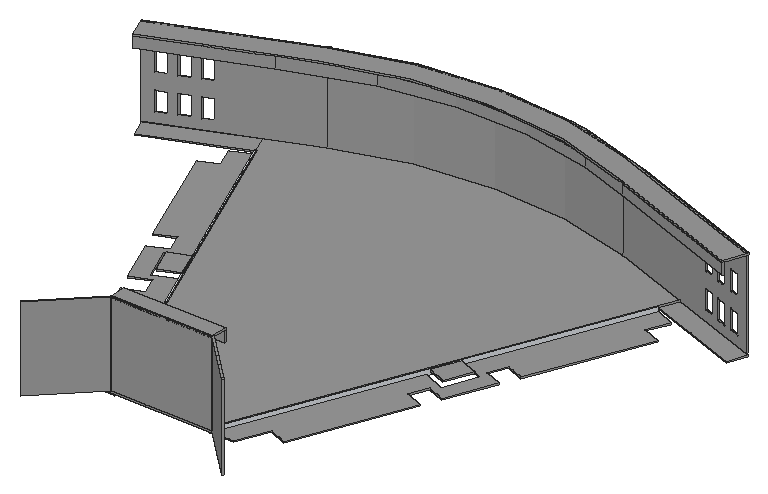
Revit family "Bogen 45 RB 45 630 FT", category Generic Models, Revit 2017
Family settings
  Can host rebar = No
  Round Connector Dimension = Use Diameter
  Part Type = Normal
  Work Plane-Based = No
  Always vertical = Yes
  Cut with Voids When Loaded = No
  Shared = No
  Room Calculation Point = No
Parameters (values of type "RB 45 630 FT")
  Width = 300 mm
  URL = "http://www.obo-bettermann.com"
  Material = Hot dip galvanised
  Manufacturer Art.No. = "7066317"
  Manufacturer = "OBO BETTERMANN"
  GTIN = "4012196991044"
  Cut's number 2 = 3
  Cut's number = 2
  Article Type = "RB 45 630 FT"
Reference planes
  plane 1 "Center (Front/Back)": y = 0
  plane 2: z = 0
  plane 3 "Center (Left/Right)": x = 0
  plane 4: x = -66
  plane 5: x = 66
  plane 6: y = 309.9
  plane 7: x = -174.5
  plane 8: x = 174.5
  plane 9: y = 262
  plane 10: y = 262
  plane 11: x = 174.5
  plane 12: x = -174.5
  plane 13: y = 274.665
  plane 14: z = 1.006
  plane 15: z = -2.494
  plane 16: z = -1.494
  plane 17: y = 9
  plane 18: x = -117.22
  plane 19: x = 117.22
  plane 20: z = -1
  plane 21: z = 64.5
  plane 22: z = 63.5
  plane 23: z = 55.67
  plane 24: z = 60
  plane 25: x = -14
  plane 26: x = 14
  plane 27: z = -0.014
  plane 28: z = 59
  plane 29: z = 51
  plane 30: z = 15
  plane 31: x = 201.329
  plane 32: z = 40
  plane 33: x = 201.329
  plane 34: z = 15
  plane 35: x = 188.85
  plane 36: z = 40
  plane 37: x = 188.85
  plane 38: z = 15
  plane 39: x = 176.37
  plane 40: z = 40
  plane 41: x = 176.37
  plane 42: z = 15
  plane 43: x = -201.329
  plane 44: z = 40
  plane 45: x = -201.329
  plane 46: z = 15
  plane 47: x = -188.85
  plane 48: z = 40
  plane 49: x = -188.85
  plane 50: z = 15
  plane 51: x = -176.37
  plane 52: z = 40
  plane 53: x = -176.37
Forms (mm)
  Extrusion 1, solid, material "Hot dip galvanised" <- "Material"
    sketch origin (0, 0, 0) x (1, 0, 0) y (0, 1, 0)
      loop
        line (-113.708, 287.965) -> (-147.062, 274.153) -> (-33.529, 0) -> (33.529, 0) -> (147.296, 274.718) -> (101.464, 291.693)
        arc (101.464, 291.693) -> (-6.473, 310.077) -> (-113.708, 287.965) r 296
    from 0 to 1.006
  Extrusion 2, solid
    sketch origin (0, 0, 0) x (1, 0, 0) y (0, 1, 0)
      loop
        line (147.296, 274.718) -> (33.529, 0) -> (34.612, 0) -> (148.22, 274.335) -> (147.296, 274.718)
    from 1 to -2.494
  Extrusion 3, solid
    sketch origin (0, 0, 0) x (1, 0, 0) y (0, 1, 0)
      loop
        line (-147.062, 274.153) -> (-147.986, 273.77) -> (-34.612, 0) -> (-33.529, 0) -> (-147.062, 274.153)
    from 1.006 to -2.494
  Extrusion 4, solid, material "Hot dip galvanised"
    sketch origin (0, 0, 0) x (1, 0, 0) y (0, 1, 0)
      loop
        line (142.481, 260.476) -> (34.612, 0) -> (50.847, 0) -> (59.921, 21.912) -> (72.856, 16.555) -> (105.761, 96.012) -> (92.826, 101.368) -> (98.182, 114.303) -> (111.117, 108.946) -> (124.891, 142.207) -> (111.956, 147.564) -> (117.313, 160.498) -> (130.248, 155.142) -> (163.152, 234.598) -> (150.218, 239.955) -> (156.339, 254.737) -> (142.481, 260.476)
    from -1.494 to -2.494
  Extrusion 5, solid
    sketch origin (0, 0, 0) x (1, 0, 0) y (0, 1, 0)
      loop
        line (-147.062, 274.153) -> (-147.986, 273.77) -> (-34.612, 0) -> (-33.529, 0) -> (-147.062, 274.153)
    from 1.006 to -2.5
  Extrusion 6, solid, material "Hot dip galvanised" <- "Material"
    sketch origin (0, 0, 0) x (1, 0, 0) y (0, 1, 0)
      loop
        line (-142.247, 259.912) -> (-156.105, 254.172) -> (-149.984, 239.39) -> (-162.918, 234.033) -> (-130.014, 154.577) -> (-117.079, 159.934) -> (-111.723, 146.999) -> (-124.657, 141.642) -> (-110.883, 108.382) -> (-97.948, 113.738) -> (-92.592, 100.803) -> (-105.527, 95.447) -> (-72.622, 15.991) -> (-59.687, 21.347) -> (-50.847, 0) -> (-34.612, 0) -> (-142.247, 259.912)
    from -1.494 to -2.494
  Extrusion 7, void
    sketch origin (0, 0, 0) x (1, 0, 0) y (0, 1, 0)
      loop
        line (-3.5, 14.314) -> (-3.5, 4.314) -> (3.5, 4.314) -> (3.5, 14.314) -> (-3.5, 14.314)
    from -1.493 to 1.006
  Extrusion 8, void
    sketch origin (0, 0, 0) x (1, 0, 0) y (0, 1, 0)
      loop
        line (95.993, 148.221) -> (86.428, 125.124) -> (102.597, 118.428) -> (112.162, 141.526) -> (95.993, 148.221)
    from 1 to -2.494
  Extrusion 9, void
    sketch origin (0, 0, 0) x (1, 0, 0) y (0, 1, 0)
      loop
        line (-95.759, 147.657) -> (-111.928, 140.961) -> (-102.363, 117.863) -> (-86.194, 124.559) -> (-95.759, 147.657)
    from 1.006 to -2.494
  Extrusion 10, solid, material "Hot dip galvanised" <- "Material"
    sketch origin (0, 0, 0) x (1, 0, 0) y (0, 1, 0)
      loop
        line (108.895, 140.172) -> (95.037, 145.912) -> (87.385, 127.433) -> (101.243, 121.694) -> (108.895, 140.172)
    from 1.006 to 0
  Extrusion 11, solid, material "Hot dip galvanised" <- "Material"
    sketch origin (0, 0, 0) x (1, 0, 0) y (0, 1, 0)
      loop
        line (-94.803, 145.347) -> (-108.662, 139.608) -> (-101.009, 121.129) -> (-87.151, 126.869) -> (-94.803, 145.347)
    from 1.006 to 0
  Extrusion 12, void
    sketch origin (0, 0, 0) x (1, 0, 0) y (0, 1, 0)
      loop
        line (147.296, 274.718) -> (141.557, 260.859) -> (142.481, 260.476) -> (148.22, 274.335) -> (147.296, 274.718)
      loop
        line (-147.062, 274.153) -> (-147.986, 273.77) -> (-142.247, 259.912) -> (-141.323, 260.294) -> (-147.062, 274.153)
    from 1 to -2.494
  Extrusion 13, solid, material "Hot dip galvanised" <- "Material"
    sketch origin (0, 0, 0) x (1, 0, 0) y (0, 1, 0)
      loop
        line (-113.708, 287.965) -> (-212.51, 247.425) -> (-207.196, 234.473) -> (-108.394, 275.013)
        arc (-108.394, 275.013) -> (-7.779, 296.048) -> (93.69, 279.625) r 282
        line (93.69, 279.625) -> (209.477, 238.18) -> (214.195, 251.361) -> (98.409, 292.806)
        arc (98.409, 292.806) -> (-8.098, 310.044) -> (-113.708, 287.965) r 296
    from 0 to -1
  Extrusion 14, solid, material "Hot dip galvanised" <- "Material"
    sketch origin (0, 0, 0) x (1, 0, 0) y (0, 1, 0)
      loop
        line (-113.708, 287.965) -> (-212.51, 247.425) -> (-212.131, 246.5) -> (-113.328, 287.04)
        arc (-113.328, 287.04) -> (-11.622, 308.942) -> (91.363, 294.175) r 295
        line (91.363, 294.175) -> (213.829, 250.339) -> (214.195, 251.361) -> (98.409, 292.806)
        arc (98.409, 292.806) -> (-8.098, 310.044) -> (-113.708, 287.965) r 296
    from 1.006 to 64.5
  Extrusion 15, solid, material "Hot dip galvanised"
    sketch origin (0, 0, 0) x (1, 0, 0) y (0, 1, 0)
      loop
        line (-113.708, 287.965) -> (-212.51, 247.425) -> (-206.057, 231.698) -> (-107.282, 272.227)
        arc (-107.282, 272.227) -> (-0.697, 293.011) -> (105.859, 272.083) r 282.7
        line (105.859, 272.083) -> (208.466, 235.355) -> (214.195, 251.361) -> (111.931, 287.965)
        arc (111.931, 287.965) -> (-0.888, 310.011) -> (-113.708, 287.965) r 299.7
    from 63.5 to 64.5
  Extrusion 16, solid, material "Hot dip galvanised" <- "Material"
    sketch origin (0, 0, 0) x (1, 0, 0) y (0, 1, 0)
      loop
        arc (-74.351, 283.3) -> (-0.888, 293.011) -> (72.574, 283.3) r 282.7
        arc (72.574, 283.3) -> (90.842, 277.754) -> (108.72, 271.059) r 299.979
        line (108.72, 271.059) -> (208.466, 235.355) -> (208.803, 236.297) -> (109.079, 271.992)
        arc (109.079, 271.992) -> (91.152, 278.705) -> (72.834, 284.265) r 300.979
        arc (72.834, 284.265) -> (-0.901, 294.011) -> (-74.635, 284.259) r 283.7
        arc (-74.635, 284.259) -> (-102.815, 274.529) -> (-130.604, 263.738) r 785.647
        line (-130.604, 263.738) -> (-206.437, 232.623) -> (-206.057, 231.698) -> (-130.225, 262.813)
        arc (-130.225, 262.813) -> (-102.482, 273.586) -> (-74.351, 283.3) r 784.647
    from 63.5 to 55.67
  Extrusion 17, solid, material "Hot dip galvanised" <- "Material"
    sketch origin (0, 0, 0) x (1, 0, 0) y (0, 1, 0)
      loop
        line (-35.962, 0) -> (-35.962, -1) -> (36.038, -1) -> (36.038, 0) -> (-35.962, 0)
    from 60 to 0
  Extrusion 18, solid, material "Hot dip galvanised" <- "Material"
    sketch origin (0, 0, 0) x (1, 0, 0) y (0, 1, 0)
      loop
        line (36.011, -0.973) -> (71.393, -36.355) -> (72.1, -35.648) -> (36.425, 0.027) -> (36.011, -0.973)
      loop
        line (-35.962, -1) -> (-36.377, 0) -> (-72.025, -35.648) -> (-71.318, -36.355) -> (-35.962, -1)
    from 60 to 0
  Extrusion 19, solid, material "Hot dip galvanised" <- "Material"
    sketch origin (0, 0, 0) x (1, 0, 0) y (0, 1, 0)
      loop
        line (-35.962, -1) -> (36.038, -1) -> (14, 19) -> (-14, 19) -> (-35.962, -1)
    from 0 to -1
  Extrusion 20, solid, material "Hot dip galvanised" <- "Material"
    sketch origin (0, 0, 0) x (1, 0, 0) y (0, 1, 0)
      loop
        line (-35.962, -1) -> (36.038, -1) -> (36.038, 11) -> (-35.962, 11) -> (-35.962, -1)
    from 60 to 59
  Extrusion 21, solid, material "Hot dip galvanised" <- "Material"
    sketch origin (0, 0, 0) x (1, 0, 0) y (0, 1, 0)
      loop
        line (-35.962, 11) -> (-35.962, 10) -> (36.038, 10) -> (36.038, 11) -> (-35.962, 11)
    from 59 to 51
  Extrusion 22, void
    sketch origin (0, 0, 0) x (1, 0, 0) y (0, 1, 0)
      loop
        line (-3.5, 14.314) -> (-3.5, 4.314) -> (3.5, 4.314) -> (3.5, 14.314) -> (-3.5, 14.314)
    from 1.006 to -2.494
  Extrusion 23, void
    sketch origin (0, 0, 0) x (1, 0, 0) y (0, 0, 1)
      loop
        line (197.829, 22) -> (197.829, 8) -> (204.829, 8) -> (204.829, 22) -> (197.829, 22)
    from -236.297 to -289.464
  Extrusion 24, void
    sketch origin (0, 0, 25) x (1, 0, 0) y (0, 0, 1)
      loop
        line (197.829, 22) -> (197.829, 8) -> (204.829, 8) -> (204.829, 22) -> (197.829, 22)
    from -236.297 to -289.464
  Extrusion 25, void
    sketch origin (-12.479, 0, 0) x (1, 0, 0) y (0, 0, 1)
      loop
        line (197.829, 22) -> (197.829, 8) -> (204.829, 8) -> (204.829, 22) -> (197.829, 22)
    from -236.297 to -289.464
  Extrusion 26, void
    sketch origin (-12.479, 0, 25) x (1, 0, 0) y (0, 0, 1)
      loop
        line (197.829, 22) -> (197.829, 8) -> (204.829, 8) -> (204.829, 22) -> (197.829, 22)
    from -236.297 to -289.464
  Extrusion 27, void
    sketch origin (-24.959, 0, 0) x (1, 0, 0) y (0, 0, 1)
      loop
        line (197.829, 22) -> (197.829, 8) -> (204.829, 8) -> (204.829, 22) -> (197.829, 22)
    from -236.297 to -289.464
  Extrusion 28, void
    sketch origin (-24.959, 0, 25) x (1, 0, 0) y (0, 0, 1)
      loop
        line (197.829, 22) -> (197.829, 8) -> (204.829, 8) -> (204.829, 22) -> (197.829, 22)
    from -236.297 to -289.464
  Extrusion 29, void
    sketch origin (0, 0, 0) x (-1, 0, 0) y (0, 0, -1)
      loop
        line (197.829, -22) -> (204.829, -22) -> (204.829, -8) -> (197.829, -8) -> (197.829, -22)
    from -236.297 to -289.464
  Extrusion 30, void
    sketch origin (0, 0, 25) x (-1, 0, 0) y (0, 0, -1)
      loop
        line (197.829, -22) -> (204.829, -22) -> (204.829, -8) -> (197.829, -8) -> (197.829, -22)
    from -236.297 to -289.464
  Extrusion 31, void
    sketch origin (12.479, 0, 0) x (-1, 0, 0) y (0, 0, -1)
      loop
        line (197.829, -22) -> (204.829, -22) -> (204.829, -8) -> (197.829, -8) -> (197.829, -22)
    from -236.297 to -289.464
  Extrusion 32, void
    sketch origin (12.479, 0, 25) x (-1, 0, 0) y (0, 0, -1)
      loop
        line (197.829, -22) -> (204.829, -22) -> (204.829, -8) -> (197.829, -8) -> (197.829, -22)
    from -236.297 to -289.464
  Extrusion 33, void
    sketch origin (24.959, 0, 0) x (-1, 0, 0) y (0, 0, -1)
      loop
        line (197.829, -22) -> (204.829, -22) -> (204.829, -8) -> (197.829, -8) -> (197.829, -22)
    from -236.297 to -289.464
  Extrusion 34, void
    sketch origin (24.959, 0, 25) x (-1, 0, 0) y (0, 0, -1)
      loop
        line (197.829, -22) -> (204.829, -22) -> (204.829, -8) -> (197.829, -8) -> (197.829, -22)
    from -236.297 to -289.464
Cuts and joins
  Extrusion 7 cuts Extrusion 1
  Extrusion 8, Extrusion 12 cuts Extrusion 2
  Extrusion 8 cuts Extrusion 4
  Extrusion 9, Extrusion 12 cuts Extrusion 3
  Extrusion 9, Extrusion 12 cuts Extrusion 5
  Extrusion 9 cuts Extrusion 6
  Extrusion 22 cuts Extrusion 19
  Extrusion 23, Extrusion 24, Extrusion 25, Extrusion 26, Extrusion 27, Extrusion 28, Extrusion 29, Extrusion 30, Extrusion 31, Extrusion 32, Extrusion 33, Extrusion 34 cuts Extrusion 14
Dimensions and locks
  locked: Extrusion 1 sketch curve to Extrusion 1 sketch curve at 310.121
  locked: Extrusion 1 sketch curve to Extrusion 1 sketch curve at 296.731
  locked: Extrusion 1 sketch curve to Extrusion 1 sketch curve at 297.343
  locked: plane 1 "Center (Front/Back)" to plane 9 at 262
  locked: Extrusion 1 to Extrusion 2 sketch curve at 1
  locked: Extrusion 2 sketch curve to Extrusion 2 sketch curve at 296.928
  locked: Extrusion 1 to plane 15 at 3.5
  locked: Extrusion 3 sketch curve to Extrusion 1 at 1
  locked: Extrusion 3 sketch curve to Extrusion 3 sketch curve at 296.731
  locked: Extrusion 4 sketch curve to Extrusion 4 sketch curve at 236
  locked: Extrusion 2 to Extrusion 4 sketch curve at 29
  locked: Extrusion 2 to Extrusion 4 sketch curve at 15
  locked: Extrusion 4 sketch curve to Extrusion 4 sketch curve at 14  (x6)
  locked: Extrusion 4 sketch curve to Extrusion 4 sketch curve at 36
  locked: Extrusion 4 sketch curve to Extrusion 2 at 15  (x2)
  locked: plane 16 to Extrusion 4 at 1
  locked: Extrusion 3 to Extrusion 3 at 1
  locked: Extrusion 5 sketch curve to Extrusion 5 sketch curve at 296.731
  locked: Extrusion 6 sketch curve to Extrusion 6 sketch curve at 14  (x5)
  locked: Extrusion 6 sketch curve to Extrusion 5 at 29  (x2)
  locked: Extrusion 6 sketch curve to Extrusion 5 at 15  (x3)
  locked: Extrusion 6 sketch curve to Extrusion 6 sketch curve at 236
  locked: Extrusion 6 sketch curve to Extrusion 6 sketch curve at 281.317
  locked: Extrusion 7 sketch curve to Extrusion 7 sketch curve at 10
  locked: plane 17 to Extrusion 7 sketch curve at 5.314
  locked: Extrusion 7 sketch curve to Extrusion 7 sketch curve at 7
  locked: plane 3 "Center (Left/Right)" to Extrusion 7 sketch curve at 3.5
  locked: Extrusion 8 sketch curve to Extrusion 8 sketch curve at 25
  locked: Extrusion 2 to Extrusion 8 sketch curve at 17.5
  locked: Extrusion 8 sketch curve to Extrusion 4 at 11.5
  locked: Extrusion 2 to cut or joined group of Extrusion 1, Extrusion 7 at 1
  locked: Extrusion 9 sketch curve to Extrusion 9 sketch curve at 25
  locked: Extrusion 9 sketch curve to Extrusion 5 at 17.5
  locked: Extrusion 5 to cut or joined group of Extrusion 1, Extrusion 7 at 1
  locked: Extrusion 6 to Extrusion 9 sketch curve at 5.5
  cut or joined group of Extrusion 2, Extrusion 8, Extrusion 12 to Extrusion 10 sketch curve = 0 mm
  locked: cut or joined group of Extrusion 4, Extrusion 8 to Extrusion 10 sketch curve at 2.5  (x3)
  locked: Extrusion 11 sketch curve to Extrusion 11 sketch curve at 20
  locked: Extrusion 11 sketch curve to cut or joined group of Extrusion 5, Extrusion 9, Extrusion 12 at 15
  locked: cut or joined group of Extrusion 5, Extrusion 9, Extrusion 12 to cut or joined group of Extrusion 5, Extrusion 9, Extrusion 12 at 1
  locked: cut or joined group of Extrusion 6, Extrusion 9 to Extrusion 11 sketch curve at 2.5
  locked: Extrusion 13 sketch curve to Extrusion 13 sketch curve at 426.723
  locked: Extrusion 13 sketch curve to Extrusion 13 sketch curve at 14  (x2)
  locked: cut or joined group of Extrusion 1, Extrusion 7 to Extrusion 13 sketch curve at 296.121
  locked: cut or joined group of Extrusion 1, Extrusion 7 to cut or joined group of Extrusion 1, Extrusion 7 at 310.121
  locked: Extrusion 13 to Extrusion 14 sketch curve at 1
  locked: Extrusion 14 sketch curve to Extrusion 13 at 1.085
  locked: Extrusion 14 sketch curve to Extrusion 14 sketch curve at 426.723
  locked: cut or joined group of Extrusion 1, Extrusion 7 to Extrusion 14 sketch curve at 309.121
  locked: cut or joined group of Extrusion 1, Extrusion 7 to Extrusion 14 sketch curve at 310.121
  locked: cut or joined group of Extrusion 1, Extrusion 7 to plane 21 at 64.5
  locked: Extrusion 14 to Extrusion 15 sketch curve at 17  (x2)
  locked: Extrusion 15 sketch curve to Extrusion 15 sketch curve at 426.776
  locked: cut or joined group of Extrusion 1, Extrusion 7 to Extrusion 15 sketch curve at 293.011
  locked: cut or joined group of Extrusion 1, Extrusion 7 to Extrusion 14 at 310.121
  locked: Extrusion 16 sketch curve to Extrusion 16 sketch curve at 414.543
  locked: Extrusion 15 to Extrusion 16 sketch curve at 1
  locked: Extrusion 15 to plane 23 at 8.83
  locked: plane 3 "Center (Left/Right)" to Extrusion 17 sketch curve at 36
  locked: Extrusion 17 sketch curve to Extrusion 17 sketch curve at 72
  locked: Extrusion 17 sketch curve to cut or joined group of Extrusion 1, Extrusion 7 at 1
  locked: Extrusion 17 to plane 24 at 60
  locked: Extrusion 18 sketch curve to Extrusion 18 sketch curve at 1  (x2)
  locked: Extrusion 18 sketch curve to Extrusion 18 sketch curve at 50.414  (x2)
  locked: Extrusion 17 to Extrusion 19 sketch curve at 20
  locked: Extrusion 19 sketch curve to Extrusion 19 sketch curve at 28
  locked: Extrusion 19 sketch curve to Extrusion 19 sketch curve at 29.76
  locked: Extrusion 19 sketch curve to Extrusion 19 sketch curve at 29.704
  locked: plane 27 to Extrusion 19 at 0.986
  locked: Extrusion 17 to Extrusion 20 sketch curve at 12
  locked: Extrusion 20 sketch curve to Extrusion 20 sketch curve at 72
  locked: Extrusion 21 sketch curve to Extrusion 20 at 1
  locked: Extrusion 21 sketch curve to Extrusion 21 sketch curve at 72
  locked: Extrusion 20 to plane 29 at 9
  locked: Extrusion 23 sketch curve to Extrusion 23 sketch curve at 7
  locked: plane 31 to Extrusion 23 sketch curve at 3.5
  locked: Extrusion 23 sketch curve to Extrusion 23 sketch curve at 14
  locked: plane 30 to Extrusion 23 sketch curve at 7
  locked: Extrusion 24 sketch curve to Extrusion 24 sketch curve at 7
  locked: plane 33 to Extrusion 24 sketch curve at 3.5
  locked: Extrusion 24 sketch curve to Extrusion 24 sketch curve at 14
  locked: plane 32 to Extrusion 24 sketch curve at 7
  locked: Extrusion 25 sketch curve to Extrusion 25 sketch curve at 7
  locked: plane 35 to Extrusion 25 sketch curve at 3.5
  locked: Extrusion 25 sketch curve to Extrusion 25 sketch curve at 14
  locked: plane 34 to Extrusion 25 sketch curve at 7
  locked: Extrusion 26 sketch curve to Extrusion 26 sketch curve at 7
  locked: plane 37 to Extrusion 26 sketch curve at 3.5
  locked: Extrusion 26 sketch curve to Extrusion 26 sketch curve at 14
  locked: plane 36 to Extrusion 26 sketch curve at 7
  locked: Extrusion 27 sketch curve to Extrusion 27 sketch curve at 7
  locked: plane 39 to Extrusion 27 sketch curve at 3.5
  locked: Extrusion 27 sketch curve to Extrusion 27 sketch curve at 14
  locked: plane 38 to Extrusion 27 sketch curve at 7
  locked: Extrusion 28 sketch curve to Extrusion 28 sketch curve at 7
  locked: plane 41 to Extrusion 28 sketch curve at 3.5
  locked: Extrusion 28 sketch curve to Extrusion 28 sketch curve at 14
  locked: plane 40 to Extrusion 28 sketch curve at 7
  locked: Extrusion 29 sketch curve to Extrusion 29 sketch curve at 7
  locked: plane 43 to Extrusion 29 sketch curve at 3.5
  locked: Extrusion 29 sketch curve to Extrusion 29 sketch curve at 14
  locked: plane 42 to Extrusion 29 sketch curve at 7
  locked: Extrusion 30 sketch curve to Extrusion 30 sketch curve at 7
  locked: plane 45 to Extrusion 30 sketch curve at 3.5
  locked: Extrusion 30 sketch curve to Extrusion 30 sketch curve at 14
  locked: plane 44 to Extrusion 30 sketch curve at 7
  locked: Extrusion 31 sketch curve to Extrusion 31 sketch curve at 7
  locked: plane 47 to Extrusion 31 sketch curve at 3.5
  locked: Extrusion 31 sketch curve to Extrusion 31 sketch curve at 14
  locked: plane 46 to Extrusion 31 sketch curve at 7
  locked: Extrusion 32 sketch curve to Extrusion 32 sketch curve at 7
  locked: plane 49 to Extrusion 32 sketch curve at 3.5
  locked: Extrusion 32 sketch curve to Extrusion 32 sketch curve at 14
  locked: plane 48 to Extrusion 32 sketch curve at 7
  locked: Extrusion 33 sketch curve to Extrusion 33 sketch curve at 7
  locked: plane 51 to Extrusion 33 sketch curve at 3.5
  locked: Extrusion 33 sketch curve to Extrusion 33 sketch curve at 14
  locked: plane 50 to Extrusion 33 sketch curve at 7
  locked: Extrusion 34 sketch curve to Extrusion 34 sketch curve at 7
  locked: plane 53 to Extrusion 34 sketch curve at 3.5
  locked: Extrusion 34 sketch curve to Extrusion 34 sketch curve at 14
  locked: plane 52 to Extrusion 34 sketch curve at 7
  radius of Extrusion 1 sketch curve = 296 mm
  locked: Extrusion 18 sketch curve to Extrusion 18 sketch curve (angle 90.00°)
  aligned and locked: level to plane 2
  aligned and locked: plane 1 "Center (Front/Back)" to Extrusion 1
  aligned and locked: Extrusion 1 to level
  aligned and locked: Extrusion 1 to plane 14
  aligned and locked: Extrusion 2 sketch curve to Extrusion 1
  aligned and locked: Extrusion 1 to Extrusion 2 sketch curve
  aligned and locked: Extrusion 2 to plane 15
  aligned and locked: plane 1 "Center (Front/Back)" to Extrusion 3
  aligned and locked: Extrusion 1 to Extrusion 3  (x2)
  aligned and locked: Extrusion 3 to Extrusion 2
  aligned and locked: Extrusion 4 sketch curve to Extrusion 2
  aligned and locked: plane 1 "Center (Front/Back)" to Extrusion 4
  aligned and locked: Extrusion 2 to Extrusion 4
  aligned and locked: Extrusion 4 to plane 16
  aligned and locked: plane 1 "Center (Front/Back)" to Extrusion 5
  aligned and locked: Extrusion 1 to Extrusion 5  (x2)
  aligned and locked: plane 1 "Center (Front/Back)" to Extrusion 6
  aligned and locked: Extrusion 6 to Extrusion 3
  aligned and locked: Extrusion 4 to Extrusion 6
  aligned and locked: Extrusion 1 to Extrusion 7
  aligned and locked: Extrusion 2 to Extrusion 8  (x2)
  aligned and locked: Extrusion 9 to plane 14
  aligned and locked: Extrusion 3 to Extrusion 9
  aligned and locked: Extrusion 10 sketch curve to cut or joined group of Extrusion 2, Extrusion 8, Extrusion 12
  aligned and locked: cut or joined group of Extrusion 1, Extrusion 7 to Extrusion 10  (x2)
  aligned and locked: cut or joined group of Extrusion 3, Extrusion 9, Extrusion 12 to Extrusion 11 sketch curve
  aligned and locked: Extrusion 12 to cut or joined group of Extrusion 3, Extrusion 9, Extrusion 12
  aligned and locked: cut or joined group of Extrusion 1, Extrusion 7 to Extrusion 12
  aligned and locked: Extrusion 12 to cut or joined group of Extrusion 1, Extrusion 7
  aligned and locked: Extrusion 12 to Extrusion 2  (x3)
  aligned and locked: Extrusion 12 to cut or joined group of Extrusion 4, Extrusion 8
  aligned and locked: Extrusion 11 to level
  aligned and locked: Extrusion 11 to plane 14
  aligned and locked: Extrusion 13 to cut or joined group of Extrusion 1, Extrusion 7
  aligned and locked: Extrusion 13 to plane 20
  aligned and locked: Extrusion 14 sketch curve to Extrusion 13  (x3)
  aligned and locked: Extrusion 13 to Extrusion 14
  aligned and locked: Extrusion 14 to Extrusion 13
  aligned and locked: Extrusion 14 to cut or joined group of Extrusion 1, Extrusion 7
  aligned and locked: plane 21 to Extrusion 14
  aligned and locked: Extrusion 15 to Extrusion 13  (x4)
  aligned and locked: Extrusion 14 to Extrusion 15
  aligned and locked: Extrusion 15 to plane 22
  aligned and locked: Extrusion 16 sketch curve to Extrusion 15
  aligned and locked: Extrusion 15 to Extrusion 16 sketch curve
  aligned and locked: Extrusion 13 to Extrusion 16
  aligned and locked: Extrusion 16 to Extrusion 13
  aligned and locked: Extrusion 16 to Extrusion 15
  aligned and locked: Extrusion 16 to plane 23
  aligned and locked: plane 1 "Center (Front/Back)" to Extrusion 17 sketch curve
  aligned and locked: Extrusion 17 to plane 1 "Center (Front/Back)"
  aligned and locked: Extrusion 17 to cut or joined group of Extrusion 1, Extrusion 7
  aligned and locked: plane 24 to Extrusion 17
  aligned and locked: Extrusion 18 sketch curve to Extrusion 17
  aligned and locked: Extrusion 17 to Extrusion 18 sketch curve
  aligned and locked: Extrusion 18 to Extrusion 17
  aligned and locked: Extrusion 19 to cut or joined group of Extrusion 1, Extrusion 7
  aligned and locked: Extrusion 20 to Extrusion 17  (x2)
  aligned and locked: Extrusion 20 to plane 28
  aligned and locked: Extrusion 17 to Extrusion 21
  aligned and locked: Extrusion 21 to Extrusion 17
  aligned and locked: Extrusion 21 to Extrusion 20  (x2)
  aligned and locked: Extrusion 21 to plane 29
  aligned and locked: Extrusion 22 sketch curve to cut or joined group of Extrusion 1, Extrusion 7  (x4)
  aligned and locked: cut or joined group of Extrusion 1, Extrusion 7 to Extrusion 22
  aligned and locked: Extrusion 22 to plane 15
  aligned and locked: Extrusion 16 to Extrusion 23
